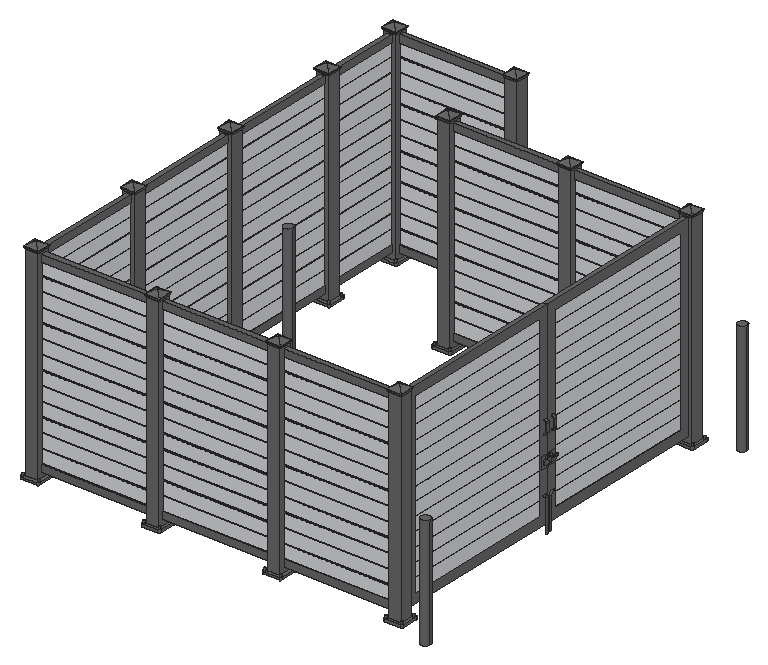
Revit family "Enclosure_System-CityScapes-Covrit-1313_W", category Specialty Equipment, Revit 2021
Family settings
  Round Connector Dimension = Use Diameter
  Part Type = Normal
  Work Plane-Based = No
  Always vertical = Yes
  Cut with Voids When Loaded = No
  Shared = No
  Room Calculation Point = No
Parameters (values of type "7' Height")
  Width = 13' - 0"  # constant formula
  URL = "https://cityscapesinc.com/"
  Square Posts Material [instance] = Aluminum - CityScapes - Electric Black
  Specification = "https://www.arcat.com/company/cityscapes-international-inc-40042/spec"
  Round Posts Material [instance] = Aluminum - CityScapes - Electric Black
  Product Page URL = "https://www.arcat.com/arcatcos/cos40/arc40042.html"
  Post Height = Square_Post-Covrit-CityScapes : Square Post 7'
  Panel Material [instance] = none
  Model = "Covrit 1313 W"  # constant formula
  Manufacturer = "CityScapes"  # constant formula
  Length = 16' - 6"  # constant formula
  Keynote = "32 35 00 "
  Height = 7' - 0"
  Frame Material [instance] = Aluminum - CityScapes - Electric Black
  Description = "Dumpster Enclosures, Single Walk-In"  # constant formula
  Default Elevation = 0' - 0"
  Copyright = "© 2023 ARCAT"  # constant formula
  CAD Details = "https://www.arcat.com/company/cityscapes-international-inc-40042/cad"
Types (3): name | Post Height | Panel Material | Height
  6' Height | Square_Post-Covrit-CityScapes : Square Post 6' | none | 6' - 0"
  7' Height | Square_Post-Covrit-CityScapes : Square Post 7' | none | 7' - 0"
  8' Height | Square_Post-Covrit-CityScapes : Square Post 8' | PVC Board - CityScapes - Plankwall - Sequoia | 8' - 0"
Reference planes (in)
  plane 1 "Center (Front/Back)": y = 0
  plane 2: z = 0
  plane 3 "Center (Left/Right)": x = 0
  plane 4: x = 78
  plane 5: x = -78
  plane 6: y = -99
  plane 7: z = 87.5
  plane 8: z = 3.5
Forms (in)
  Extrusion 1, solid, material "Aluminum - CityScapes - Electric Black" <- "Round Posts Material"
    sketch origin (0, 0, 0) x (1, 0, 0) y (0, 1, 0)
      loop
        circle (94.5, -106) r 2
      loop
        circle (94.5, 63.98977) r 2
      loop
        circle (-65.99898, -63) r 2
      loop
        circle (-66, 21.04987) r 2
    from 0 to 48
  Sweep 2, solid, material "Aluminum - CityScapes - Electric Black"
    path origin (3.52027, -21.05078, 0) x (0, 1, 0) y (0, 0, 1)
      loop
        line (-1, 0) -> (-1, 14)
        arc (-1, 14) -> (-1.29289, 14.70711) -> (-2, 15) r 1
        line (-2, 15) -> (-2.75, 15)
    profile origin (3.52027, -22.05078, 7) x (0, -1, 0) y (1, 0, 0)
      loop
        circle (0, 75.75) r 0.30152
  Sweep 3, solid, material "Aluminum - CityScapes - Electric Black"
    path origin (-8.5, 0, 0) x (1, 0, 0) y (0, 0, 1)
      loop
        line (87.46875, 38.76865) -> (87.96875, 38.76865)
        arc (87.96875, 38.76865) -> (88.67586, 39.06154) -> (88.96875, 39.76865) r 1
        line (88.96875, 39.76865) -> (88.96875, 43.26865)
        arc (88.96875, 43.26865) -> (88.67586, 43.97576) -> (87.96875, 44.26865) r 1
        line (87.96875, 44.26865) -> (87.46875, 44.26865)
    profile origin (80.46875, 0, 41.51865) x (-1, 0, 0) y (0, -1, 0)
      loop
        line (-0.125, 18.51535) -> (0.125, 18.51535) -> (0.125, 19.51535) -> (-0.125, 19.51535) -> (-0.125, 18.51535)
      loop
        line (-0.125, 23.51535) -> (-0.125, 22.51535) -> (0.125, 22.51535) -> (0.125, 23.51535) -> (-0.125, 23.51535)
  Sweep 4, solid, material "Aluminum - CityScapes - Electric Black"
    path origin (3.52027, -20.97992, 0) x (0, -1, 0) y (0, 0, -1)
      loop
        line (-1, 0) -> (-1, -14)
        arc (-1, -14) -> (-1.29289, -14.70711) -> (-2, -15) r 1
        line (-2, -15) -> (-2.75, -15)
    profile origin (3.52027, -19.97992, 7) x (0, -1, 0) y (1, 0, 0)
      loop
        circle (0, 75.75) r 0.30152
  Extrusion 5, solid, material "Aluminum - CityScapes - Electric Black"
    sketch origin (-8.5, -4.51535, 1.25) x (0, 1, 0) y (0, 0, 1)
      loop
        line (-15.8496, 28.7072) -> (-15.8496, 27.42871) -> (-17.1504, 27.42871) -> (-17.1504, 28.70912)
        arc (-17.1504, 28.70912) -> (-17.26624, 28.9222) -> (-17.50805, 28.94086) r 0.25391
        arc (-17.50805, 28.94086) -> (-18.84923, 26.86768) -> (-17.50186, 24.79851) r 2.26771
        arc (-17.50186, 24.79851) -> (-17.26414, 24.8174) -> (-17.1504, 25.027) r 0.25
        line (-17.1504, 25.027) -> (-17.1504, 26.7935) -> (-15.8496, 26.7935) -> (-15.8496, 25.027)
        arc (-15.8496, 25.027) -> (-15.73586, 24.8174) -> (-15.49814, 24.79851) r 0.25
        arc (-15.49814, 24.79851) -> (-14.15077, 26.8666) -> (-15.48998, 28.93998) r 2.26771
        arc (-15.48998, 28.93998) -> (-15.7331, 28.92139) -> (-15.8496, 28.7072) r 0.25515
    from 87.46875 to 87.72116
Lines and regions (in)
  symbolic lines
    curve 1: line (78, 54.38037, 0) -> (153.39572, 54.38037, 0)
    curve 2: arc (78, -21.01535, 0) -> (131.31283, 1.06755, 0) -> (153.39572, 54.38037, 0) r 75.39572
    curve 3: line (78, -96.5, 0) -> (153.48465, -96.5, 0)
    curve 4: arc (78, -21.01535, 0) -> (131.37571, -43.12429, 0) -> (153.48465, -96.5, 0) r 75.48465
Dimensions and locks (in)
  "Height": plane 7 to plane 8
  plane 7 to plane 2 = 7' - 3 1/2"
  nested 9 to level = 0' - 3 1/2"
  nested 8 to nested 8 = 0' - 3 1/8"
  locked: Extrusion 5 to Extrusion 5 at 0.25241
  locked: nested 19 to plane 2 at 27.92857
  locked: plane 8 to plane 2 at 3.5
  nested 4 to nested 5 to nested 20 to nested 2 = 4' - 4", 4' - 4", 4' - 4"
  nested 4 to nested 6 to nested 24 to nested 14 to nested 1 = 4' - 4", 4' - 4", 4' - 4.00768", 2' - 11.99232"
  nested 4 to nested 2 = 13' - 0"
  nested 4 to nested 1 = 16' - 0"
  nested 1 to nested 7 = 4' - 4"
  nested 15 to nested 7 = 2' - 11.99232"
  curve 2 to nested 13 to nested 2 = 6' - 3.39572", 6' - 3.47948"
  nested 7 to nested 21 to nested 16 = 4' - 4", 4' - 4"
  nested 1 to nested 16 = 13' - 0"
  aligned and locked: plane 2 to level
  aligned and locked: plane 5 to nested 1
  aligned and locked: Extrusion 1 to plane 2
  aligned and locked: nested 2 to plane 2
  aligned and locked: plane 2 to nested 2
  aligned and locked: nested 5 to plane 2
  aligned and locked: nested 7 to plane 2
  aligned and locked: plane 2 to nested 5
  aligned and locked: plane 5 to nested 14
  aligned and locked: plane 5 to nested 6
  aligned and locked: plane 4 to nested 13
  aligned and locked: plane 4 to nested 12
Automatic sketch dimensions
  plane 5 to Extrusion 1 sketch curve = 1' - 0"
  plane 5 to Extrusion 1 sketch curve = 1' - 0.00102"
  Extrusion 1 sketch curve to plane 6 = 0' - 7"
  plane 4 to Extrusion 1 sketch curve = 1' - 4 1/2"  (x2)
  Extrusion 1 sketch curve to plane 1 "Center (Front/Back)" = 1' - 9.04987"
  Extrusion 1 sketch curve to Extrusion 1 sketch curve = 0' - 2"  (x4)
  Sweep 2 sketch curve to level = 0' - 0"
  plane 1 "Center (Front/Back)" to Sweep 2 sketch curve = 1' - 11 13/256"
  Sweep 2 sketch curve to Sweep 2 sketch curve = 0' - 1"
  level to Sweep 2 sketch curve = 1' - 2"
  Sweep 2 sketch curve to Sweep 2 sketch curve = 0' - 0 3/4"
  Sweep 2 sketch curve to profile plane = 0' - 0"
  profile plane to Sweep 2 sketch curve = 6' - 3 3/4"
  Sweep 4 sketch curve to level = 0' - 0"
  plane 1 "Center (Front/Back)" to Sweep 4 sketch curve = 1' - 6.97992"
  Sweep 4 sketch curve to Sweep 4 sketch curve = 0' - 1"
  level to Sweep 4 sketch curve = 1' - 2"
  Sweep 4 sketch curve to Sweep 4 sketch curve = 0' - 0 3/4"
  Sweep 4 sketch curve to profile plane = 0' - 0"
  profile plane to Sweep 4 sketch curve = 6' - 3 3/4"
  plane 1 "Center (Front/Back)" to Extrusion 5 sketch curve = 1' - 9.91965"
  plane 1 "Center (Front/Back)" to Extrusion 5 sketch curve = 1' - 9.91575"
  Extrusion 5 sketch curve to Extrusion 5 sketch curve = 0' - 0 65/256"
  Extrusion 5 sketch curve to Extrusion 5 sketch curve = 0' - 0 1/4"  (x2)
  plane 1 "Center (Front/Back)" to Extrusion 5 sketch curve = 1' - 9.09687"
  plane 1 "Center (Front/Back)" to Extrusion 5 sketch curve = 1' - 8.93382"
  plane 1 "Center (Front/Back)" to Extrusion 5 sketch curve = 1' - 8.36494"
  Extrusion 5 sketch curve to Extrusion 5 sketch curve = 0' - 0.56888"
  Extrusion 5 sketch curve to Extrusion 5 sketch curve = 0' - 0.25515"
  level to Extrusion 5 sketch curve = 2' - 2.277"
  Extrusion 5 sketch curve to Extrusion 5 sketch curve = 0' - 0"  (x4)
  Extrusion 5 sketch curve to Extrusion 5 sketch curve = 0' - 1.7665"
  Extrusion 5 sketch curve to Extrusion 5 sketch curve = 0' - 0.07756"
  Extrusion 5 sketch curve to Extrusion 5 sketch curve = 0' - 0.63521"
  Extrusion 5 sketch curve to Extrusion 5 sketch curve = 0' - 1.27849"
  Extrusion 5 sketch curve to Extrusion 5 sketch curve = 0' - 1.2804"
  Sweep 3 sketch curve to Sweep 3 sketch curve = 0' - 1"  (x4)
  level to Sweep 3 sketch curve = 3' - 2.76865"
  Sweep 3 sketch curve to Sweep 3 sketch curve = 0' - 3 1/2"
  Sweep 3 sketch curve to Sweep 3 sketch curve = 0' - 0 1/2"  (x2)
  profile plane to Sweep 3 sketch curve = 0' - 0 1/8"  (x2)
  Sweep 3 sketch curve to profile plane = 0' - 0 1/8"  (x2)
  plane 1 "Center (Front/Back)" to Sweep 3 sketch curve = 1' - 6.51535"
  plane 1 "Center (Front/Back)" to Sweep 3 sketch curve = 1' - 10.51535"
  plane 6 to Extrusion 1 sketch curve = 3' - 0"
  plane 4 to Sweep 3 sketch curve = 0' - 1 15/32"
  curve 1 to plane 4 = 0' - 0"
  curve 4 to plane 4 = 0' - 0"
  curve 2 to plane 4 = 0' - 0"
  curve 3 to plane 4 = 0' - 0"
  plane 4 to curve 1 = 6' - 3.39572"
  plane 6 to curve 3 = 0' - 2 1/2"
  curve 3 to curve 3 = 6' - 3.48465"
  Extrusion 1 sketch curve to Extrusion 1 sketch curve = 0' - 0"
  Extrusion 1 sketch curve to plane 1 "Center (Front/Back)" = 5' - 3.98977"
  radius of Sweep 2 sketch curve = 0' - 0.30152"
  radius of Sweep 4 sketch curve = 0' - 0.30152"
Nested families (in)
  nested 1: "Square_Post-Covrit-CityScapes" at (-78, 93, 0), type <- "Post Height", type "Square Post 7'"
  nested 2: "Square_Post-Covrit-CityScapes" at (78, -99, 0), type <- "Post Height", type "Square Post 7'"
  nested 3: "Panel-Covrit-CityScapes" at (-51.99929, 91.96875, 3.5) x (0, 1, 0) z (0, 0, 1), FRAME MATERIAL <- "Frame Material", MATERIAL <- "Panel Material", type "Panel"
    with Panel_Length 3' - 10 189/256", MATERIAL none, FRAME MATERIAL Aluminum - CityScapes - Electric Black, Planks Qunatity Aux 13, Planks Quantity 14, Panel_Height 7' - 0", Gap Between Planks 0' - 6 1/2"
  nested 4: "Square_Post-Covrit-CityScapes" at (-78, -99, 0), type <- "Post Height", type "Square Post 7'"
  nested 5: "Square_Post-Covrit-CityScapes" at (-26, -99, 0), type <- "Post Height", type "Square Post 7'"
  nested 6: "Square_Post-Covrit-CityScapes" at (-78, -47, 0), type <- "Post Height", type "Square Post 7'"
  nested 7: "Square_Post-Covrit-CityScapes" at (-26, 93, 0), type <- "Post Height", type "Square Post 7'"
  nested 8: "Panel-Covrit-CityScapes" at (-51.99929, -97.96875, 3.5) x (0, -1, 0) z (0, 0, 1), FRAME MATERIAL <- "Frame Material", MATERIAL <- "Panel Material", type "Panel"
    with Panel_Length 3' - 10 189/256", MATERIAL none, FRAME MATERIAL Aluminum - CityScapes - Electric Black, Planks Qunatity Aux 13, Planks Quantity 14, Panel_Height 7' - 0", Gap Between Planks 0' - 6 1/2"
  nested 9: "Panel-Covrit-CityScapes" at (51.99929, -97.96875, 3.5) x (0, -1, 0) z (0, 0, 1), FRAME MATERIAL <- "Frame Material", MATERIAL <- "Panel Material", type "Panel"
    with Panel_Length 3' - 10 189/256", MATERIAL none, FRAME MATERIAL Aluminum - CityScapes - Electric Black, Planks Qunatity Aux 13, Planks Quantity 14, Panel_Height 7' - 0", Gap Between Planks 0' - 6 1/2"
  nested 10: "Panel-Covrit-CityScapes" at (-76.96875, -73.06107, 3.5) x (-1, 0, 0) z (0, 0, 1), FRAME MATERIAL <- "Frame Material", MATERIAL <- "Panel Material", type "Panel"
    with Panel_Length 3' - 10.86752", MATERIAL none, FRAME MATERIAL Aluminum - CityScapes - Electric Black, Planks Qunatity Aux 13, Planks Quantity 14, Panel_Height 7' - 0", Gap Between Planks 0' - 6 1/2"
  nested 11: "Panel-Covrit-CityScapes" at (-76.96875, 30.94135, 3.5) x (-1, 0, 0) z (0, 0, 1), FRAME MATERIAL <- "Frame Material", MATERIAL <- "Panel Material", type "Panel"
    with Panel_Length 3' - 10.87236", MATERIAL none, FRAME MATERIAL Aluminum - CityScapes - Electric Black, Planks Qunatity Aux 13, Planks Quantity 14, Panel_Height 7' - 0", Gap Between Planks 0' - 6 1/2"
  nested 12: "Gate-Panel-CityScapes" at (76.96875, 16.68251, 3.5), FRAME MATERIAL <- "Frame Material", MATERIAL <- "Panel Material", type "Gate Panel"
    with Planks Length 5' - 7.39572", Panel_Length 6' - 3.39572", MATERIAL none, FRAME MATERIAL Aluminum - CityScapes - Electric Black
  nested 13: "Gate-Panel-CityScapes" at (76.96875, -58.75509, 3.5), FRAME MATERIAL <- "Frame Material", MATERIAL <- "Panel Material", type "Gate Panel"
    with Planks Length 5' - 7.47948", Panel_Length 6' - 3.47948", MATERIAL none, FRAME MATERIAL Aluminum - CityScapes - Electric Black
  nested 14: "Square_Post-Covrit-CityScapes" at (-78, 57.00768, 0), type <- "Post Height", type "Square Post 7'"
  nested 15: "Square_Post-Covrit-CityScapes" at (-26, 57.00768, 0), type <- "Post Height", type "Square Post 7'"
  nested 16: "Square_Post-Covrit-CityScapes" at (78, 57.00768, 0), type <- "Post Height", type "Square Post 7'"
  nested 17: "Panel-Covrit-CityScapes" at (51.99929, 55.97643, 3.5) x (0, 1, 0) z (0, 0, 1), FRAME MATERIAL <- "Frame Material", MATERIAL <- "Panel Material", type "Panel"
    with Panel_Length 3' - 10 189/256", MATERIAL none, FRAME MATERIAL Aluminum - CityScapes - Electric Black, Planks Qunatity Aux 13, Planks Quantity 14, Panel_Height 7' - 0", Gap Between Planks 0' - 6 1/2"
  nested 18: "Panel-Covrit-CityScapes" at (-76.96875, 74.94277, 3.5) x (-1, 0, 0) z (0, 0, 1), FRAME MATERIAL <- "Frame Material", MATERIAL <- "Panel Material", type "Panel"
    with Panel_Length 2' - 6.85984", MATERIAL none, FRAME MATERIAL Aluminum - CityScapes - Electric Black, Planks Qunatity Aux 13, Planks Quantity 14, Panel_Height 7' - 0", Gap Between Planks 0' - 6 1/2"
  nested 19: "Gate-CityScapes-Modern_Latch" at (78, -21.01535, 27.92857) x (0, 1, 0) z (0, 0, 1), type "Latch"
  nested 20: "Square_Post-Covrit-CityScapes" at (26, -99, 0), type <- "Post Height", type "Square Post 7'"
  nested 21: "Square_Post-Covrit-CityScapes" at (26, 57.00768, 0), type <- "Post Height", type "Square Post 7'"
  nested 22: "Panel-Covrit-CityScapes" at (-0.00071, -97.96875, 3.5) x (0, -1, 0) z (0, 0, 1), FRAME MATERIAL <- "Frame Material", MATERIAL <- "Panel Material", type "Panel"
    with Panel_Length 3' - 10 189/256", MATERIAL none, FRAME MATERIAL Aluminum - CityScapes - Electric Black, Planks Qunatity Aux 13, Planks Quantity 14, Panel_Height 7' - 0", Gap Between Planks 0' - 6 1/2"
  nested 23: "Panel-Covrit-CityScapes" at (-0.00071, 55.97643, 3.5) x (0, 1, 0) z (0, 0, 1), FRAME MATERIAL <- "Frame Material", MATERIAL <- "Panel Material", type "Panel"
    with Panel_Length 3' - 10 189/256", MATERIAL none, FRAME MATERIAL Aluminum - CityScapes - Electric Black, Planks Qunatity Aux 13, Planks Quantity 14, Panel_Height 7' - 0", Gap Between Planks 0' - 6 1/2"
  nested 24: "Square_Post-Covrit-CityScapes" at (-78, 5, 0), type <- "Post Height", type "Square Post 7'"
  nested 25: "Panel-Covrit-CityScapes" at (-76.96875, -21.06107, 3.5) x (-1, 0, 0) z (0, 0, 1), FRAME MATERIAL <- "Frame Material", MATERIAL <- "Panel Material", type "Panel"
    with Panel_Length 3' - 10.86752", MATERIAL none, FRAME MATERIAL Aluminum - CityScapes - Electric Black, Planks Qunatity Aux 13, Planks Quantity 14, Panel_Height 7' - 0", Gap Between Planks 0' - 6 1/2"
Definition of nested family "Square_Post-Covrit-CityScapes"
  Parameters (values of type "Square Post 7'")
    TPost_Height = 7' - 4"
    Post_DIM = 0' - 8.2682"
    Post Material = none
    Default Elevation = 0' - 0"
  Types (3): name | TPost_Height | Post_DIM
    Square Post 6' | 6' - 4" | 0' - 8.26536"
    Square Post 7' | 7' - 4" | 0' - 8.2682"
    Square Post 8' | 8' - 4" | 0' - 8.2682"
  Reference planes (in)
    plane 1 "Center (Front/Back)": y = 0
    plane 2: z = 0
    plane 3 "Center (Left/Right)": x = 0
    plane 4: x = 4.1341
    plane 5: y = 4.1341
    plane 6: y = -4.1341
    plane 7: x = -4.1341
    plane 8: z = 88
  Forms (in)
    Extrusion 1, solid, material <- "Post Material"
      sketch origin (0, 0, 0) x (1, 0, 0) y (0, 1, 0)
        loop
          line (2.63157, 2.50517) -> (-2.63157, 2.50517) -> (-2.63157, -2.63015) -> (2.63157, -2.63015) -> (2.63157, 2.50517)
      from 0 to 88
    Sweep 2, solid, material <- "Post Material"
      path in 3D
        loop
          line (-2.63157, 2.50517, 88) -> (-2.63157, -2.63015, 88) -> (2.63157, -2.63015, 88) -> (2.63157, 2.50517, 88) -> (-2.63157, 2.50517, 88)
      profile origin (0, 2.50517, 88) x (0, -1, 0) y (0, 0, 1)
        loop
          line (0, 0) -> (0, 0.0625) -> (-0.5, 0.92853) -> (-0.5, 1.1985) -> (2.50517, 2.93353) -> (2.50517, 2.96962) -> (-0.53125, 1.21654) -> (-0.53125, 0.92015) -> (0, 0)
    Extrusion 3, solid, material <- "Post Material"
      sketch origin (0, 0, 0) x (1, 0, 0) y (0, 1, 0)
        loop
          line (4.1341, -3.43396) -> (4.1341, 3.43396)
          arc (4.1341, 3.43396) -> (3.92903, 3.92903) -> (3.43396, 4.1341) r 0.70014
          line (3.43396, 4.1341) -> (-3.43396, 4.1341)
          arc (-3.43396, 4.1341) -> (-3.92903, 3.92903) -> (-4.1341, 3.43396) r 0.70014
          line (-4.1341, 3.43396) -> (-4.1341, -3.43396)
          arc (-4.1341, -3.43396) -> (-3.92903, -3.92903) -> (-3.43396, -4.1341) r 0.70014
          line (-3.43396, -4.1341) -> (3.43396, -4.1341)
          arc (3.43396, -4.1341) -> (3.92903, -3.92903) -> (4.1341, -3.43396) r 0.70014
      from 0 to 1
    Extrusion 4, solid, material <- "Post Material"
      sketch origin (0, 0, 0) x (1, 0, 0) y (0, 1, 0)
        loop
          circle (-3.38236, 3.27648) r 0.32836
        loop
          circle (3.29243, 3.27648) r 0.32836
        loop
          circle (3.29243, -3.27648) r 0.32836
        loop
          circle (-3.38236, -3.27648) r 0.32836
      from 0 to 2
  Cuts and joins
    joined: Extrusion 1, Sweep 2, Extrusion 3, Extrusion 4
  Lines and regions (in)
    sketch lines
      curve 1: line (2.63157, 2.50517, 88) -> (-2.63157, 2.50517, 88)
      curve 2: line (2.63157, -2.63015, 88) -> (2.63157, 2.50517, 88)
      curve 3: line (-2.63157, -2.63015, 88) -> (2.63157, -2.63015, 88)
      curve 4: line (-2.63157, 2.50517, 88) -> (-2.63157, -2.63015, 88)
  Dimensions and locks (in)
    "Post_DIM": plane 5 to plane 6
    "Post_DIM": plane 7 to plane 4
    "TPost_Height": plane 8 to plane 2
    equal spacing: cut or joined group of Extrusion 1, Sweep 2, Extrusion 3, Extrusion 4, plane 3 "Center (Left/Right)", cut or joined group of Extrusion 1, Sweep 2, Extrusion 3, Extrusion 4
    equal spacing: plane 7, plane 3 "Center (Left/Right)", plane 4
    aligned and locked: plane 2 to level
    aligned and locked: plane 8 to Extrusion 1
    aligned and locked: Extrusion 1 to plane 2
    aligned and locked: Sweep 2 sketch curve to profile plane
    aligned and locked: cut or joined group of Extrusion 1, Sweep 2, Extrusion 3, Extrusion 4 to plane 7
    aligned and locked: plane 4 to cut or joined group of Extrusion 1, Sweep 2, Extrusion 3, Extrusion 4
  Automatic sketch dimensions
    Extrusion 3 sketch curve to plane 6 = 0' - 0"
    Extrusion 3 sketch curve to plane 5 = 0' - 0"
    Extrusion 3 sketch curve to plane 4 = 0' - 0"
    Extrusion 3 sketch curve to plane 4 = 0' - 0.70014"  (x2)
    plane 7 to Extrusion 3 sketch curve = 0' - 0.70014"  (x2)
    plane 7 to Extrusion 3 sketch curve = 0' - 0"
    plane 7 to Extrusion 4 sketch curve = 0' - 0.75175"  (x2)
    Extrusion 4 sketch curve to plane 5 = 0' - 0.85762"  (x2)
    Extrusion 4 sketch curve to Extrusion 4 sketch curve = 0' - 0.32836"  (x4)
    Extrusion 4 sketch curve to plane 4 = 0' - 0.84167"  (x2)
    plane 6 to Extrusion 4 sketch curve = 0' - 0.85762"  (x2)
    Extrusion 4 sketch curve to Extrusion 4 sketch curve = 0' - 0"  (x2)
    plane 7 to Extrusion 1 sketch curve = 0' - 1.50253"
    plane 6 to Extrusion 1 sketch curve = 0' - 1.50395"
    Extrusion 1 sketch curve to plane 4 = 0' - 1.50253"
    Extrusion 1 sketch curve to plane 5 = 0' - 1.62893"
    Sweep 2 sketch curve to profile plane = 0' - 0"
    profile plane to Sweep 2 sketch curve = 0' - 0 1/2"
    Sweep 2 sketch curve to Sweep 2 sketch curve = 0' - 0 1/32"
    profile plane to Sweep 2 sketch curve = 0' - 0 1/16"
    profile plane to Sweep 2 sketch curve = 0' - 0.92015"
    Sweep 2 sketch curve to Sweep 2 sketch curve = 0' - 0.00837"
    Sweep 2 sketch curve to Sweep 2 sketch curve = 0' - 0.26997"
    Sweep 2 sketch curve to Sweep 2 sketch curve = 0' - 0.01804"
    Sweep 2 sketch curve to profile plane = 0' - 2.50517"
    Sweep 2 sketch curve to Sweep 2 sketch curve = 0' - 1.73504"
    Sweep 2 sketch curve to Sweep 2 sketch curve = 0' - 0.03608"
Definition of nested family "Panel-Covrit-CityScapes"
  Parameters (values of type "Covrit Panel")
    Planks Qunatity Aux = (Panel_Height - (0' 3 1/8" * 2) - Gap Between Planks) / 0' 5 1/2"  # 15
    Planks Quantity = (Panel_Height - (0' 3 1/8" * 2)) / 0' 5 1/2"  # 16
    Trim_Depth = 0' - 0 23/32"
    SOLID PANEL DEPTH = 0' - 1"
    Profile_Height = 0' - 5 1/2"  # constant formula
    Panel_Length [instance] = 6' - 0"
    Panel_Height = 8' - 0"
    MATERIAL [instance] = none
    Gap Between Planks = (Planks Quantity - 1) * 0' 0 1/2"  # 0' - 7 1/2"
    FRAME WIDTH = 0' - 3 1/8"  # constant formula
    FRAME MATERIAL [instance] = none
    FRAME DEPTH = 0' - 2"  # constant formula
    Description = ""
    Default Elevation = 0' - 0"
  Reference planes (in)
    plane 1 "Center (Front/Back)": y = 0
    plane 2: z = 0
    plane 3 "Center (Left/Right)": x = 0
    plane 4 "FrameLeft": y = 36
    plane 5 "FrameRight": y = -36
    plane 6 "top": z = 96
    plane 7 "framebottom": z = 92.875
    plane 8: z = 3.125
    plane 9: z = 48
    plane 10: x = 1.03125
    plane 11: x = 2
  Forms (in)
    Extrusion 1, solid, material <- "FRAME MATERIAL"
      sketch origin (0, 0, 0) x (0, 1, 0) y (0, 0, 1)
        loop
          line (36, 0) -> (36, 3.125) -> (-36, 3.125) -> (-36, 0) -> (36, 0)
        loop
          line (36, 96) -> (-36, 96) -> (-36, 92.875) -> (36, 92.875) -> (36, 96)
      from 0 to 2
    Extrusion 2, solid
      sketch origin (0, 0, 0) x (1, 0, 0) y (0, 0, 1)
        loop
          line (1.09375, 3.125) -> (1.09375, 92.875) -> (0.96875, 92.875) -> (0.96875, 3.125) -> (1.09375, 3.125)
      from -36 to 36
  Text (in)
    text "EXTERIOR" at (58.92048, 7.19966, 0), in view "Ref. Level"
    text "EXTERIOR" at (58.92048, 7.19966, 0), in view "Ref. Level Copy 1"
    text "EXTERIOR" at (40.89755, 0, 33.52979), in view "Side"
  Dimensions and locks (in)
    "Panel_Length": plane 4 "FrameLeft" to plane 5 "FrameRight"
    equal spacing: plane 4 "FrameLeft", plane 1 "Center (Front/Back)", plane 5 "FrameRight"  (x2)
    "FRAME WIDTH": plane 6 "top" to plane 7 "framebottom"
    "FRAME WIDTH": plane 8 to plane 2
    plane 4 "FrameLeft" to plane 5 "FrameRight" = 6' - 0"  (x2)
    equal spacing: plane 6 "top", plane 9, plane 2
    "Panel_Height": plane 6 "top" to plane 2
    plane 6 "top" to plane 2 = 8' - 0"
    equal spacing: group 1, group 3, group 4, group 5, group 6, group 7, group 8, group 9, group 10, group 11, group 12, group 13, group 14, group 15, group 2  (x3)
    "FRAME DEPTH": plane 11 to plane 3 "Center (Left/Right)"
    Extrusion 2 sketch curve to plane 10 to Extrusion 2 sketch curve = 0' - 0 1/16" locked, 0' - 0 1/16" locked
    aligned and locked: plane 2 to level
    aligned and locked: plane 4 "FrameLeft" to Extrusion 1 sketch curve
    aligned and locked: plane 6 "top" to Extrusion 1 sketch curve
    aligned and locked: plane 5 "FrameRight" to Extrusion 1 sketch curve
    aligned and locked: plane 2 to Extrusion 1 sketch curve
    aligned and locked: plane 7 "framebottom" to Extrusion 1 sketch curve
    aligned and locked: Extrusion 1 sketch curve to plane 8
    aligned and locked: Extrusion 1 to plane 3 "Center (Left/Right)"
    aligned and locked: nested 1 to plane 4 "FrameLeft"
    aligned and locked: nested 1 to plane 8
    aligned and locked: plane 10 to nested 1
    aligned and locked: plane 7 "framebottom" to nested 2
    aligned and locked: plane 10 to nested 2
    aligned and locked: plane 11 to Extrusion 1
    aligned and locked: plane 8 to Extrusion 2 sketch curve
    aligned and locked: Extrusion 2 sketch curve to plane 7 "framebottom"
    aligned and locked: plane 4 "FrameLeft" to Extrusion 2
    aligned and locked: Extrusion 2 to plane 5 "FrameRight"
  Automatic sketch dimensions
    Extrusion 1 sketch curve to plane 5 "FrameRight" = 0' - 0"
    Extrusion 1 sketch curve to plane 4 "FrameLeft" = 0' - 0"
  Nested families (in)
    nested 1: "PANEL TRIM" at (1.03125, 0, 3.125), MATERIAL <- "MATERIAL", type "PANEL TRIM"
      with Profile_Length 6' - 0", Profile_Height 0' - 5 1/2"
    nested 2: "PANEL TRIM" at (1.03125, 0, 87.375), MATERIAL <- "MATERIAL", type "PANEL TRIM"
      with Profile_Length 6' - 0", Profile_Height 0' - 5 1/2"
    nested 3: "PANEL TRIM" at (1.03125, 0, 9.14286), MATERIAL <- "MATERIAL", type "PANEL TRIM"
      with Profile_Length 6' - 0", Profile_Height 0' - 5 1/2"
    nested 4: "PANEL TRIM" at (1.03125, 0, 15.16071), MATERIAL <- "MATERIAL", type "PANEL TRIM"
      with Profile_Length 6' - 0", Profile_Height 0' - 5 1/2"
    nested 5: "PANEL TRIM" at (1.03125, 0, 21.17857), MATERIAL <- "MATERIAL", type "PANEL TRIM"
      with Profile_Length 6' - 0", Profile_Height 0' - 5 1/2"
    nested 6: "PANEL TRIM" at (1.03125, 0, 27.19643), MATERIAL <- "MATERIAL", type "PANEL TRIM"
      with Profile_Length 6' - 0", Profile_Height 0' - 5 1/2"
    nested 7: "PANEL TRIM" at (1.03125, 0, 33.21429), MATERIAL <- "MATERIAL", type "PANEL TRIM"
      with Profile_Length 6' - 0", Profile_Height 0' - 5 1/2"
    nested 8: "PANEL TRIM" at (1.03125, 0, 39.23214), MATERIAL <- "MATERIAL", type "PANEL TRIM"
      with Profile_Length 6' - 0", Profile_Height 0' - 5 1/2"
    nested 9: "PANEL TRIM" at (1.03125, 0, 45.25), MATERIAL <- "MATERIAL", type "PANEL TRIM"
      with Profile_Length 6' - 0", Profile_Height 0' - 5 1/2"
    nested 10: "PANEL TRIM" at (1.03125, 0, 51.26786), MATERIAL <- "MATERIAL", type "PANEL TRIM"
      with Profile_Length 6' - 0", Profile_Height 0' - 5 1/2"
    nested 11: "PANEL TRIM" at (1.03125, 0, 57.28571), MATERIAL <- "MATERIAL", type "PANEL TRIM"
      with Profile_Length 6' - 0", Profile_Height 0' - 5 1/2"
    nested 12: "PANEL TRIM" at (1.03125, 0, 63.30357), MATERIAL <- "MATERIAL", type "PANEL TRIM"
      with Profile_Length 6' - 0", Profile_Height 0' - 5 1/2"
    nested 13: "PANEL TRIM" at (1.03125, 0, 69.32143), MATERIAL <- "MATERIAL", type "PANEL TRIM"
      with Profile_Length 6' - 0", Profile_Height 0' - 5 1/2"
    nested 14: "PANEL TRIM" at (1.03125, 0, 75.33929), MATERIAL <- "MATERIAL", type "PANEL TRIM"
      with Profile_Length 6' - 0", Profile_Height 0' - 5 1/2"
    nested 15: "PANEL TRIM" at (1.03125, 0, 81.35714), MATERIAL <- "MATERIAL", type "PANEL TRIM"
      with Profile_Length 6' - 0", Profile_Height 0' - 5 1/2"
  Definition of nested family "PANEL TRIM"
    Parameters (values of type "PANEL TRIM")
      Profile_Length = 5' - 6"
      Profile_Height = 0' - 5"
      Profile_Depth = 0' - 0 23/32"
      MATERIAL [instance] = none
      Default Elevation = 0' - 0"
    Reference planes (in)
      plane 1 "Center (Front/Back)": y = 0
      plane 2: z = 0
      plane 3 "Center (Left/Right)": x = 0
      plane 4: z = 5
      plane 5: y = 33
      plane 6: y = -33
    Forms (in)
      Extrusion 1, solid, material <- "MATERIAL"
        sketch origin (-0.35938, 0, 0) x (1, 0, 0) y (0, 1, 0)
          loop
            line (-0.14062, 33) -> (-0.14062, -33) -> (0.85938, -33) -> (0.85938, 33) -> (-0.14062, 33)
        from 0 to 5
    Dimensions and locks (in)
      equal spacing: plane 6, plane 1 "Center (Front/Back)", plane 5
      "Profile_Length": plane 6 to plane 5
      "Profile_Height": plane 4 to plane 2
      aligned and locked: plane 2 to level
      aligned and locked: plane 5 to Extrusion 1 sketch curve
      aligned and locked: Extrusion 1 sketch curve to plane 6
      aligned and locked: plane 4 to Extrusion 1
      aligned and locked: Extrusion 1 to plane 2
    Automatic sketch dimensions
      Extrusion 1 sketch curve to plane 3 "Center (Left/Right)" = 0' - 0 1/2"
      plane 3 "Center (Left/Right)" to Extrusion 1 sketch curve = 0' - 0 1/2"
Definition of nested family "Gate-Panel-CityScapes"
  Parameters (values of type "Covrit Panel 1111 -  7'")
    Planks Qunatity Aux = (Panel_Height - (0' 4" * 2) - Gap Between Planks) / 0' 5 1/2"  # 13
    Planks Quantity = (Panel_Height - (0' 4" * 2)) / 0' 5 1/2"  # 14
    Trim_Depth = 0' - 0 23/32"
    SOLID PANEL DEPTH = 0' - 1"
    Profile_Height = 0' - 5 1/2"  # constant formula
    Planks Length [instance] = Panel_Length - (FRAME WIDTH * 2)  # 5' - 4"
    Panel_Length [instance] = 6' - 0"
    Panel_Height = 7' - 0"
    MATERIAL [instance] = none
    Gap Between Planks = (Planks Quantity - 1) * 0' 0 1/2"  # 0' - 6 1/2"
    FRAME WIDTH = 0' - 4"  # constant formula
    FRAME MATERIAL [instance] = none
    FRAME DEPTH = 0' - 2"  # constant formula
    Description = ""
    Default Elevation = 0' - 0"
  Types (3): name | Planks Qunatity Aux | Planks Quantity | Planks Length | Panel_Length | Panel_Height | Gap Between Planks
    Covrit Panel 1111 -  6' | 11 | 12 | 4' - 10" | 5' - 6" | 6' - 0" | 0' - 5 1/2"
    Covrit Panel 1111 -  7' | 13 | 14 | 5' - 4" | 6' - 0" | 7' - 0" | 0' - 6 1/2"
    Covrit Panel 1111 -  8' | 15 | 16 | 5' - 4" | 6' - 0" | 8' - 0" | 0' - 7 1/2"
  Reference planes (in)
    plane 1 "Center (Front/Back)": y = 0
    plane 2: z = 0
    plane 3 "Center (Left/Right)": x = 0
    plane 4 "FrameLeft": y = 36
    plane 5 "FrameRight": y = -36
    plane 6 "top": z = 84
    plane 7 "framebottom": z = 80
    plane 8: z = 4
    plane 9: z = 42
    plane 10: x = 1.03125
    plane 11: x = 2
    plane 12: y = -32
    plane 13: y = 32
  Forms (in)
    Extrusion 1, solid, material <- "FRAME MATERIAL"
      sketch origin (0, 0, 0) x (0, 1, 0) y (0, 0, 1)
        loop
          line (36, 0) -> (36, 84) -> (-36, 84) -> (-36, 0) -> (36, 0)
        loop
          line (32, 80) -> (-32, 80) -> (-32, 4) -> (32, 4) -> (32, 80)
      from 0 to 2
    Extrusion 2, solid
      sketch origin (0, 0, 0) x (1, 0, 0) y (0, 0, 1)
        loop
          line (1.09375, 4) -> (1.09375, 80) -> (0.96875, 80) -> (0.96875, 4) -> (1.09375, 4)
      from -32 to 32
  Text (in)
    text "EXTERIOR" at (58.92048, 7.19966, 0), in view "Ref. Level"
    text "EXTERIOR" at (58.92048, 7.19966, 0), in view "Ref. Level Copy 1"
    text "EXTERIOR" at (40.89755, 0, 33.52979), in view "Side"
  Dimensions and locks (in)
    "Panel_Length": plane 4 "FrameLeft" to plane 5 "FrameRight"
    equal spacing: plane 4 "FrameLeft", plane 1 "Center (Front/Back)", plane 5 "FrameRight"  (x2)
    "FRAME WIDTH": plane 6 "top" to plane 7 "framebottom"
    "FRAME WIDTH": plane 8 to plane 2
    plane 4 "FrameLeft" to plane 5 "FrameRight" = 6' - 0"  (x2)
    equal spacing: plane 6 "top", plane 9, plane 2
    "Panel_Height": plane 6 "top" to plane 2
    plane 6 "top" to plane 2 = 7' - 0"
    equal spacing: group 1, group 3, group 4, group 5, group 6, group 7, group 8, group 9, group 10, group 11, group 12, group 13, group 2  (x3)
    "FRAME DEPTH": plane 11 to plane 3 "Center (Left/Right)"
    Extrusion 2 sketch curve to plane 10 to Extrusion 2 sketch curve = 0' - 0 1/16" locked, 0' - 0 1/16" locked
    "FRAME WIDTH": plane 5 "FrameRight" to Extrusion 1 sketch curve
    "FRAME WIDTH": Extrusion 1 sketch curve to plane 4 "FrameLeft"
    "FRAME WIDTH": plane 5 "FrameRight" to plane 12
    "FRAME WIDTH": plane 13 to plane 4 "FrameLeft"
    aligned and locked: plane 2 to level
    aligned and locked: plane 4 "FrameLeft" to Extrusion 1 sketch curve
    aligned and locked: plane 6 "top" to Extrusion 1 sketch curve
    aligned and locked: plane 5 "FrameRight" to Extrusion 1 sketch curve
    aligned and locked: plane 2 to Extrusion 1 sketch curve
    aligned and locked: plane 7 "framebottom" to Extrusion 1 sketch curve
    aligned and locked: plane 8 to Extrusion 1 sketch curve
    aligned and locked: Extrusion 1 to plane 3 "Center (Left/Right)"
    aligned and locked: nested 1 to plane 8
    aligned and locked: plane 10 to nested 1
    aligned and locked: plane 7 "framebottom" to nested 2
    aligned and locked: plane 10 to nested 2
    aligned and locked: plane 11 to Extrusion 1
    aligned and locked: plane 8 to Extrusion 2 sketch curve
    aligned and locked: Extrusion 2 sketch curve to plane 7 "framebottom"
    aligned and locked: plane 1 "Center (Front/Back)" to nested 1
    aligned and locked: plane 13 to Extrusion 2
    aligned and locked: plane 12 to Extrusion 2
  Nested families (in)
    nested 1: "PANEL TRIM" at (1.03125, 0, 4), MATERIAL <- "MATERIAL", type "PANEL TRIM"
      with Profile_Length 5' - 4", Profile_Height 0' - 5 1/2"
    nested 2: "PANEL TRIM" at (1.03125, 0, 74.5), MATERIAL <- "MATERIAL", type "PANEL TRIM"
      with Profile_Length 5' - 4", Profile_Height 0' - 5 1/2"
    nested 3: "PANEL TRIM" at (1.03125, 0, 9.875), MATERIAL <- "MATERIAL", type "PANEL TRIM"
      with Profile_Length 5' - 4", Profile_Height 0' - 5 1/2"
    nested 4: "PANEL TRIM" at (1.03125, 0, 15.75), MATERIAL <- "MATERIAL", type "PANEL TRIM"
      with Profile_Length 5' - 4", Profile_Height 0' - 5 1/2"
    nested 5: "PANEL TRIM" at (1.03125, 0, 21.625), MATERIAL <- "MATERIAL", type "PANEL TRIM"
      with Profile_Length 5' - 4", Profile_Height 0' - 5 1/2"
    nested 6: "PANEL TRIM" at (1.03125, 0, 27.5), MATERIAL <- "MATERIAL", type "PANEL TRIM"
      with Profile_Length 5' - 4", Profile_Height 0' - 5 1/2"
    nested 7: "PANEL TRIM" at (1.03125, 0, 33.375), MATERIAL <- "MATERIAL", type "PANEL TRIM"
      with Profile_Length 5' - 4", Profile_Height 0' - 5 1/2"
    nested 8: "PANEL TRIM" at (1.03125, 0, 39.25), MATERIAL <- "MATERIAL", type "PANEL TRIM"
      with Profile_Length 5' - 4", Profile_Height 0' - 5 1/2"
    nested 9: "PANEL TRIM" at (1.03125, 0, 45.125), MATERIAL <- "MATERIAL", type "PANEL TRIM"
      with Profile_Length 5' - 4", Profile_Height 0' - 5 1/2"
    nested 10: "PANEL TRIM" at (1.03125, 0, 51), MATERIAL <- "MATERIAL", type "PANEL TRIM"
      with Profile_Length 5' - 4", Profile_Height 0' - 5 1/2"
    nested 11: "PANEL TRIM" at (1.03125, 0, 56.875), MATERIAL <- "MATERIAL", type "PANEL TRIM"
      with Profile_Length 5' - 4", Profile_Height 0' - 5 1/2"
    nested 12: "PANEL TRIM" at (1.03125, 0, 62.75), MATERIAL <- "MATERIAL", type "PANEL TRIM"
      with Profile_Length 5' - 4", Profile_Height 0' - 5 1/2"
    nested 13: "PANEL TRIM" at (1.03125, 0, 68.625), MATERIAL <- "MATERIAL", type "PANEL TRIM"
      with Profile_Length 5' - 4", Profile_Height 0' - 5 1/2"
  Definition of nested family "PANEL TRIM"
    Parameters (values of type "PANEL TRIM")
      Profile_Length = 5' - 6"
      Profile_Height = 0' - 5"
      Profile_Depth = 0' - 0 23/32"
      MATERIAL [instance] = none
      Default Elevation = 0' - 0"
    Reference planes (in)
      plane 1 "Center (Front/Back)": y = 0
      plane 2: z = 0
      plane 3 "Center (Left/Right)": x = 0
      plane 4: z = 5
      plane 5: y = 33
      plane 6: y = -33
    Forms (in)
      Extrusion 1, solid, material <- "MATERIAL"
        sketch origin (-0.35938, 0, 0) x (1, 0, 0) y (0, 1, 0)
          loop
            line (-0.14062, 33) -> (-0.14062, -33) -> (0.85938, -33) -> (0.85938, 33) -> (-0.14062, 33)
        from 0 to 5
    Dimensions and locks (in)
      equal spacing: plane 6, plane 1 "Center (Front/Back)", plane 5
      "Profile_Length": plane 6 to plane 5
      "Profile_Height": plane 4 to plane 2
      aligned and locked: plane 2 to level
      aligned and locked: plane 5 to Extrusion 1 sketch curve
      aligned and locked: Extrusion 1 sketch curve to plane 6
      aligned and locked: plane 4 to Extrusion 1
      aligned and locked: Extrusion 1 to plane 2
    Automatic sketch dimensions
      Extrusion 1 sketch curve to plane 3 "Center (Left/Right)" = 0' - 0 1/2"
      plane 3 "Center (Left/Right)" to Extrusion 1 sketch curve = 0' - 0 1/2"
Definition of nested family "Gate-CityScapes-Modern_Latch"
  Parameters (values of type "Latch")
    URL = ""
    Product Page URL = ""
    Model = ""
    Manufacturer = "CityScapes"  # constant formula
    Keynote = ""
    Description = ""
    Default Elevation = 0' - 0"
    Copyright = "© 2023 ARCAT"  # constant formula
    CAD Details = ""
  Reference planes (in)
    plane 1 "Center (Front/Back)": y = 0
    plane 2: z = 0
    plane 3 "Center (Left/Right)": x = 0
    plane 4: y = -0.96875
  Forms (in)
    Extrusion 1, solid
      sketch origin (0, 0, 0) x (1, 0, 0) y (0, 0, 1)
        loop
          line (-3.5, 2.5) -> (-3.5, -2.5) -> (-0.5, -2.5) -> (-0.5, 2.5) -> (-3.5, 2.5)
        loop
          line (3.5, 2.5) -> (0.5, 2.5) -> (0.5, -2.5) -> (3.5, -2.5) -> (3.5, 2.5)
      from 0.96875 to 1.21875
    Extrusion 2, solid
      sketch origin (0, 0, 0) x (1, 0, 0) y (0, 0, 1)
        loop
          arc (-2, 0.75) -> (-2.75, 0) -> (-2, -0.75) r 0.75
          line (-2, -0.75) -> (4, -0.75)
          arc (4, -0.75) -> (4.75, 0) -> (4, 0.75) r 0.75
          line (4, 0.75) -> (-2, 0.75)
      from 1.34375 to 1.59375
    Extrusion 3, solid
      sketch origin (0, 0, 0) x (1, 0, 0) y (0, 0, 1)
        loop
          circle (-2, 0) r 1
      from 1.59375 to 2.09375
    Extrusion 4, solid
      sketch origin (0, 0, 0) x (0, 1, 0) y (0, 0, 1)
        loop
          line (-1.34375, 1) -> (-2.34375, 1) -> (-2.34375, 0.75) -> (-1.65625, 0.75) -> (-1.34375, 0.75) -> (-1.34375, 1)
        loop
          line (-1.21875, -0.75) -> (-1.71875, -0.75) -> (-1.71875, 0.6736) -> (-2.34375, 0.6736) -> (-2.34375, 0.4236) -> (-1.96732, 0.4236) -> (-1.96732, -1) -> (-1.21875, -1) -> (-1.21875, -0.75)
      from 1.00446 to 3.00446
  Cuts and joins
    joined: Extrusion 2, Extrusion 4
  Dimensions and locks (in)
    Extrusion 1 sketch curve to Extrusion 1 sketch curve to plane 3 "Center (Left/Right)" to Extrusion 1 sketch curve to Extrusion 1 sketch curve = 0' - 3" locked, 0' - 0 1/2" locked, 0' - 0 1/2" locked, 0' - 3" locked
    plane 4 to plane 1 "Center (Front/Back)" = 0' - 0 31/32"
    locked: Extrusion 1 to plane 4 at 0.25
    Extrusion 2 to Extrusion 2 to plane 4 = 0' - 0 1/4" locked, 0' - 0 3/8" locked
    locked: Extrusion 4 to Extrusion 4 at 2
    aligned and locked: plane 2 to level
    aligned and locked: Extrusion 1 to plane 4
